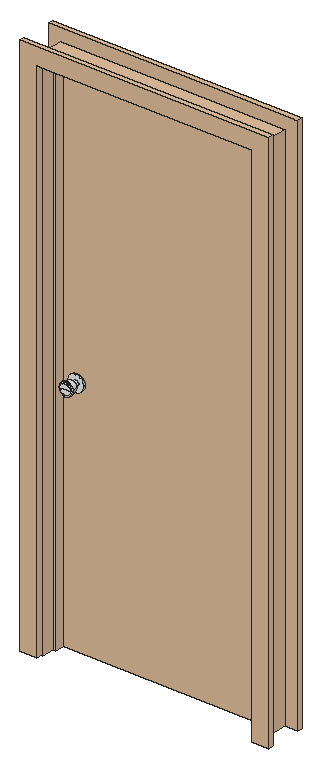
Revit family "M_Porta-Interna-Única-Nivelada_Painel-Madeira", category Portas, Revit 2019
Family settings
  Hospedeiro = Parede
  Número OmniClass = 23.30.10.00
  Título OmniClass = Doors
  Sempre na vertical = Sim
  Corte com vazios quando carregada = Não
  Compartilhado = Não
  Ponto de cálculo do ambiente = Não
Parameters
  Visual Light Transmittance = 0
  Material da apara = Cerejeira
  Espessura = 35 mm
  Resistência térmica (R) = 0.455703 (m²·K)/W
  Ângulo de abertura [instance] = 90.00°
  Solar Heat Gain Coefficient = 0
  Rough Width = Width + 50 mm  # 850 mm
  Altura bruta = Altura + 25 mm  # 2025 mm
  Material do painel = Cerejeira
  Altura = 2000 mm
  Fechamento da parede = Por hospedeiro
  Width = 800 mm
  Coeficiente de transferência de calor (U) = 2.19465 W/(m²·K)
  Função = Interior
  Material da moldura = Cerejeira
  Material da maçaneta = Alumín. 1
  Código de montagem = "C1020300"
  Construção analítica = "Madeira"
Reference planes
  plane 1 "Centro (Frente/Trás)": y = 0
  plane 2 "Centro (Esquerda/Direita)": x = 0
  plane 3 "Esquerda": x = -425
  plane 4 "Direita": x = 425
  plane 5 "Superior": z = 2025
  plane 6 "Exterior": y = 53.975
  plane 7 "Interior": y = -60.325
  plane 8 "Painel esquerdo da porta": x = -400
  plane 9 "Painel direito da porta": x = 400
  plane 10 "Topo do painel": z = 2000
  plane 11: z = 0
  plane 12: z = 0
  plane 13: x = 418.65
  plane 14: y = 18.975
  plane 15: y = -15.95
  plane 16: x = 387.3
  plane 17: y = 18.975
  plane 18: z = 1014.413
  plane 19: y = 30.642
  plane 20: y = 42.308
  plane 21: z = 914.4
Forms (mm)
  Sweep 1, solid, material "Cerejeira" <- "Material da moldura"
    path origin (0, 0, 0) x (1, 0, 0) y (0, 0, 1)
      loop
        line (425, 0) -> (425, 2025) -> (-425, 2025) -> (-425, 0)
    profile origin (425, 0, 1012.5) x (-1, 0, 0) y (0, -1, 0)
      loop
        line (25, -53.975) -> (25, -18.975) -> (37.7, -18.975) -> (37.7, 15.95) -> (25, 15.95) -> (25, 60.325) -> (0, 60.325) -> (0, -53.975) -> (25, -53.975)
  Extrusion 2, solid, material "Cerejeira" <- "Material do painel"
    sketch origin (0, 0, 0) x (1, 0, 0) y (0, 0, 1)
      loop
        line (400, 2000) -> (-400, 2000) -> (-400, 0) -> (400, 0) -> (400, 2000)
    from -53.975 to -18.975
  Sweep 3, solid, material "Cerejeira" <- "Material da apara", detail levels fine
    path origin (0, 53.975, 0) x (1, 0, 0) y (0, 0, 1)
      loop
        line (400, 0) -> (400, 2000) -> (-400, 2000) -> (-400, 0)
    profile "Perfil de caixa-plano : 20 x 65mm" origin (400, 53.975, 1000) x (-1, 0, 0) y (0, -1, 0)
      loop
        line (-6.35, -20) -> (-6.35, 0) -> (-71.35, 0) -> (-71.35, -20) -> (-6.35, -20)
  Sweep 4, solid, material "Cerejeira" <- "Material da apara", detail levels fine
    path origin (0, -60.325, 0) x (1, 0, 0) y (0, 0, 1)
      loop
        line (400, 0) -> (400, 2000) -> (-400, 2000) -> (-400, 0)
    profile "Perfil de caixa-plano : 20 x 65mm" origin (400, -60.325, 1000) x (-1, 0, 0) y (0, -1, 0)
      loop
        line (-6.35, 20) -> (-71.35, 20) -> (-71.35, 0) -> (-6.35, 0) -> (-6.35, 20)
Lines and regions (mm)
  Opening 1
    outline origin (-2286, -60.325, 0) x (1, 0, 0) y (0, 0, 1)
      loop
        line (1861, 0) -> (2711, 0) -> (2711, 2025) -> (1861, 2025) -> (1861, 0)
  Masking region 1, detail levels coarse+medium
    outline origin (0, 0, 0) x (1, 0, 0) y (0, 1, 0)
      loop
        line (-425, 53.975) -> (-425, -60.325) -> (-400, -60.325) -> (-400, 53.975) -> (-425, 53.975)
      loop
        line (425, 53.975) -> (400, 53.975) -> (400, -60.325) -> (425, -60.325) -> (425, 53.975)
  Masking region 2, detail levels fine
    outline origin (-25.4, 0, 0) x (1, 0, 0) y (0, 1, 0)
      loop
        line (-399.6, 53.975) -> (-399.6, -60.325) -> (-374.6, -60.325) -> (-374.6, -15.95) -> (-361.9, -15.95) -> (-361.9, 18.975) -> (-374.6, 18.975) -> (-374.6, 53.975) -> (-399.6, 53.975)
      loop
        line (450.4, 53.975) -> (425.4, 53.975) -> (425.4, 18.975) -> (412.7, 18.975) -> (412.7, -15.95) -> (425.4, -15.95) -> (425.4, -60.325) -> (450.4, -60.325) -> (450.4, 53.975)
  Masking region 3, detail levels fine
    outline origin (0, 0, 0) x (1, 0, 0) y (0, 1, 0)
      loop
        line (-471.35, 73.975) -> (-471.35, 53.975) -> (-406.35, 53.975) -> (-406.35, 73.975) -> (-471.35, 73.975)
      loop
        line (-471.35, -60.325) -> (-471.35, -80.325) -> (-406.35, -80.325) -> (-406.35, -60.325) -> (-471.35, -60.325)
      loop
        line (406.35, 73.975) -> (406.35, 53.975) -> (471.35, 53.975) -> (471.35, 73.975) -> (406.35, 73.975)
      loop
        line (406.35, -60.325) -> (406.35, -80.325) -> (471.35, -80.325) -> (471.35, -60.325) -> (406.35, -60.325)
  Masking region 4
    outline origin (0, 0, 0) x (0, 1, 0) y (0, 0, 1)
      loop
        line (53.975, 2025) -> (-60.325, 2025) -> (-60.325, 2018.65) -> (53.975, 2018.65) -> (53.975, 2025)
  symbolic lines, style "Giro da elevação"
    curve 1: line (-400, 53.975, 2000) -> (400, 53.975, 1000)
    curve 2: line (400, 53.975, 1000) -> (-400, 53.975, 0)
Text (mm)
  text "Exterior" at (-1904.17, 693.701, 0), in view "Nível de referência"
  text "Interior" at (-1904.17, -638.649, 0), in view "Nível de referência"
  text "Exterior" at (0, 1019.848, 3124.603), in view "Direita"
  text "Interior" at (0, -1635.541, 3124.603), in view "Direita"
  text "Interior" at (0, -787.806, 3124.376), in view "Esquerda"
  text "Exterior" at (0, 1386.095, 3124.376), in view "Esquerda"
Dimensions and locks
  equal spacing: plane 3 "Esquerda", plane 2 "Centro (Esquerda/Direita)", plane 4 "Direita"
  "Altura bruta": level to plane 5 "Superior"
  equal spacing: plane 8 "Painel esquerdo da porta", plane 2 "Centro (Esquerda/Direita)", plane 9 "Painel direito da porta"
  "Width": plane 8 "Painel esquerdo da porta" to plane 9 "Painel direito da porta"
  "Altura": level to plane 10 "Topo do painel"
  plane 11 to plane 12 = 0 mm
  locked: plane 13 to plane 4 "Direita" at 6.35
  "Espessura": plane 14 to plane 6 "Exterior"
  locked: plane 14 to plane 15 at 34.925
  locked: plane 16 to plane 9 "Painel direito da porta" at 12.7
  "Espessura": plane 6 "Exterior" to plane 17
  "Rough Width": plane 3 "Esquerda" to plane 4 "Direita"
  equal spacing: plane 17, plane 19, plane 20, plane 6 "Exterior"
  locked: plane 12 to plane 21 at 914.4
  equal spacing: plane 12, curve 2, plane 10 "Topo do painel"
  locked: Masking region 4 sketch curve to plane 5 "Superior" at 6.35
  aligned and locked: plane 3 "Esquerda" to Opening 1 sketch curve
  aligned and locked: plane 5 "Superior" to Opening 1 sketch curve  (x2)
  aligned and locked: Opening 1 sketch curve to plane 4 "Direita"
  aligned and locked: Opening 1 sketch curve to level
  aligned and locked: plane 6 "Exterior" to host wall
  aligned and locked: plane 7 "Interior" to host wall
  aligned and locked: plane 5 "Superior" to Sweep 1 sketch curve
  aligned and locked: plane 4 "Direita" to Sweep 1 sketch curve  (x2)
  aligned and locked: Sweep 1 sketch curve to plane 3 "Esquerda"
  aligned and locked: plane 11 to level
  aligned and locked: plane 11 to Sweep 1 sketch curve  (x2)
  aligned and locked: Sweep 1 sketch curve to plane 9 "Painel direito da porta"
  aligned and locked: Sweep 1 sketch curve to host wall
  aligned and locked: Sweep 1 sketch curve to plane 7 "Interior"
  aligned and locked: Sweep 1 sketch curve to plane 15
  aligned and locked: Sweep 1 sketch curve to plane 16
  aligned and locked: plane 14 to Sweep 1 sketch curve
  aligned and locked: Extrusion 2 sketch curve to plane 10 "Topo do painel"
  aligned and locked: Extrusion 2 sketch curve to plane 8 "Painel esquerdo da porta"
  aligned and locked: plane 9 "Painel direito da porta" to Extrusion 2 sketch curve
  aligned and locked: Extrusion 2 sketch curve to plane 12
  aligned and locked: Extrusion 2 to plane 17
  aligned and locked: Extrusion 2 to plane 6 "Exterior"
  aligned and locked: nested 1 to plane 9 "Painel direito da porta"
  aligned and locked: plane 6 "Exterior" to nested 1
  aligned and locked: nested 2 to plane 8 "Painel esquerdo da porta"
  aligned and locked: plane 6 "Exterior" to nested 2
  aligned and locked: plane 8 "Painel esquerdo da porta" to nested 3
  aligned and locked: nested 3 to plane 17
  aligned and locked: plane 9 "Painel direito da porta" to Sweep 3 sketch curve
  aligned and locked: Sweep 3 sketch curve to plane 8 "Painel esquerdo da porta"
  aligned and locked: Sweep 3 sketch curve to plane 10 "Topo do painel"
  aligned and locked: Sweep 4 sketch curve to plane 9 "Painel direito da porta"
  aligned and locked: plane 10 "Topo do painel" to Sweep 4 sketch curve
  aligned and locked: plane 8 "Painel esquerdo da porta" to Sweep 4 sketch curve
  aligned and locked: Masking region 1 sketch curve to plane 3 "Esquerda"
  aligned and locked: plane 8 "Painel esquerdo da porta" to Masking region 1 sketch curve
  aligned and locked: Masking region 1 sketch curve to plane 7 "Interior"
  aligned and locked: plane 6 "Exterior" to Masking region 1 sketch curve
  aligned and locked: plane 9 "Painel direito da porta" to Masking region 1 sketch curve
  aligned and locked: Masking region 1 sketch curve to plane 4 "Direita"
  aligned and locked: plane 7 "Interior" to Masking region 1 sketch curve
  aligned and locked: Masking region 1 sketch curve to plane 6 "Exterior"
  aligned and locked: plane 11 to Sweep 3 sketch curve  (x2)
  aligned and locked: plane 11 to Sweep 4 sketch curve  (x2)
  aligned and locked: plane 8 "Painel esquerdo da porta" to Masking region 2 sketch curve
  aligned and locked: Masking region 2 sketch curve to plane 3 "Esquerda"
  aligned and locked: Masking region 2 sketch curve to plane 7 "Interior"
  aligned and locked: plane 6 "Exterior" to Masking region 2 sketch curve
  aligned and locked: Masking region 2 sketch curve to nested 2  (x2)
  aligned and locked: Masking region 2 sketch curve to Sweep 1  (x3)
  aligned and locked: Masking region 3 sketch curve to Sweep 3  (x6)
  aligned and locked: Masking region 3 sketch curve to plane 6 "Exterior"  (x2)
  aligned and locked: plane 7 "Interior" to Masking region 3 sketch curve  (x2)
  aligned and locked: Masking region 3 sketch curve to Sweep 4  (x6)
  aligned and locked: Masking region 2 sketch curve to plane 4 "Direita"
  aligned and locked: plane 9 "Painel direito da porta" to Masking region 2 sketch curve  (x3)
  aligned and locked: plane 17 to Masking region 2 sketch curve
  aligned and locked: Sweep 1 to Masking region 2 sketch curve
  aligned and locked: plane 5 "Superior" to Masking region 4 sketch curve
  aligned and locked: plane 6 "Exterior" to Masking region 4 sketch curve
  aligned and locked: Masking region 4 sketch curve to plane 7 "Interior"
Automatic sketch dimensions
  plane 16 to Sweep 1 sketch curve = 12.7 mm
  curve 2 to level = 0 mm
  curve 2 to plane 8 "Painel esquerdo da porta" = 0 mm
  curve 1 to plane 8 "Painel esquerdo da porta" = 0 mm
  curve 2 to plane 9 "Painel direito da porta" = 0 mm
  curve 1 to plane 10 "Topo do painel" = 0 mm
  Masking region 2 sketch curve to host wall = 0 mm  (x2)
  Masking region 2 sketch curve to plane 17 = 0 mm
Nested families
  nested 1: "Porta com abertura única" at (400, 53.975, 0), Ângulo de abertura <- "Ângulo de abertura", type "Único"
    with Abertura visível yes, Ângulo de abertura 90.00°, Ângulo real 90.00°, Width 800 mm, Espessura 35 mm
  nested 2: "M_Maçaneta residencial" at (-400, 53.975, 914.4), type "Padrão", detail levels fine
  nested 3: "M_Maçaneta residencial" at (-400, 18.975, 914.4), type "Padrão", detail levels fine
Definition of nested family "M_Maçaneta residencial"
  Parameters (values of type "Padrão")
    Manufacturer = ""
    Material = none
    Handle Z Distance = 0 mm
    Handle X Distance = 65 mm
    Analytic Construction = "<Nenhum>"
  Reference planes
    plane 1 "Centro (Frente/Trás)": y = 0
    plane 2: z = 0
    plane 3 "Centro (Esquerda/Direita)": x = 0
    plane 4: z = 0
    plane 5: x = 65
  Forms (mm)
    Extrusion 1, solid, material <- "Material"
      sketch origin (0, 0, 0) x (1, 0, 0) y (0, 0, 1)
        loop
          circle (65, 0) r 30
      from 0 to -6
    Revolve 2, solid, material <- "Material"
      sketch origin (0, 0, 0) x (0, -1, 0) y (1, 0, 0)
        loop
          line (-25, 55) -> (-6, 55) -> (-6, 65) -> (-55, 65) -> (-55, 44.524) -> (-53.172, 40) -> (-49.708, 40) -> (-25, 46.364) -> (-25, 55)
        axis (-6, 65) -> (-55, 65)
      angle from 0 to 360
  Dimensions and locks
    "Handle Z Distance": plane 4 to level
    "Handle X Distance": plane 5 to plane 3 "Centro (Esquerda/Direita)"
  Automatic sketch dimensions
    Extrusion 1 sketch curve to plane 4 = 0 mm
    Extrusion 1 sketch curve to plane 5 = 0 mm
    Revolve 2 sketch curve to plane 5 = 0 mm  (x2)
    Revolve 2 sketch curve to plane 1 "Centro (Frente/Trás)" = 66 mm
    Revolve 2 sketch curve to Revolve 2 sketch curve = 11 mm
    Revolve 2 sketch curve to Revolve 2 sketch curve = 1.828 mm
    Revolve 2 sketch curve to Revolve 2 sketch curve = 3.464 mm
    Revolve 2 sketch curve to plane 1 "Centro (Frente/Trás)" = 25 mm
    Revolve 2 sketch curve to plane 1 "Centro (Frente/Trás)" = 6 mm
    Revolve 2 sketch curve to Revolve 2 sketch curve = 0 mm
    Revolve 2 sketch curve to Revolve 2 sketch curve = 10 mm
    Revolve 2 sketch curve to Revolve 2 sketch curve = 8.636 mm
    Revolve 2 sketch curve to Revolve 2 sketch curve = 20.476 mm
    Revolve 2 sketch curve to Revolve 2 sketch curve = 4.524 mm
    radius of Extrusion 1 sketch curve = 30 mm
Definition of nested family "Porta com abertura única"
  Parameters (values of type "Único")
    Width = 900 mm
    Thickness = 45 mm
    Abertura visível [instance] = Ângulo de abertura > 1.00°  # yes
    Ângulo de abertura [instance] = 45.00°
    Assembly Code = ""
    Analytic Construction = "<Nenhum>"
    Ângulo real [instance] = if(Ângulo de abertura < 1.00°, 1.00°, Ângulo de abertura)  # 45.00°
  Reference planes
    plane 1 "Centro (Frente/Trás)": y = 0
    plane 2: z = 0
    plane 3 "Centro (Esquerda/Direita)": x = 0
    plane 4: x = -900
  Lines and regions (mm)
    Masking region 1
      outline origin (0, 0, 0) x (-0.707107, 0.707107, 0) y (-0.707107, -0.707107, 0)
        loop
          line (0, 0) -> (900, 0) -> (900, 45) -> (0, 45) -> (0, 0)
    symbolic lines
      curve 1: line (0, 0, 0) -> (-900, 0, 0)
    symbolic lines, visible <- "Abertura visível"
      curve 2: arc (-900, 0, 0) -> (-831.492, 344.415, 0) -> (-636.396, 636.396, 0) r 900
    reference lines
      curve 3: line (0, 0, 0) -> (-636.396, 636.396, 0)
    model lines
      curve 4: line (0, 0, 0) -> (0, 0, 25.4)
  Dimensions and locks
    "Width": plane 4 to plane 3 "Centro (Esquerda/Direita)"
    locked: curve 2 to plane 3 "Centro (Esquerda/Direita)"
    locked: curve 2 to plane 1 "Centro (Frente/Trás)"
    "Width": curve 3 to curve 3
    "Thickness": Masking region 1 sketch curve to Masking region 1 sketch curve
    locked: curve 4 to plane 2 at 25.4
    "Width": radius of curve 2
    "Ângulo real": angle curve 2 to curve 2
    "Ângulo de abertura": angle curve 3 to plane 1 "Centro (Frente/Trás)"
    aligned and locked: curve 1 to plane 1 "Centro (Frente/Trás)"
    aligned and locked: plane 3 "Centro (Esquerda/Direita)" to curve 1
    aligned and locked: plane 3 "Centro (Esquerda/Direita)" to curve 3
    aligned and locked: plane 1 "Centro (Frente/Trás)" to curve 3
    aligned and locked: curve 3 to Masking region 1 sketch curve
    aligned and locked: Masking region 1 sketch curve to curve 3  (x2)
    aligned and locked: plane 3 "Centro (Esquerda/Direita)" to curve 4
    aligned and locked: plane 2 to curve 4
Types in the file's own list only (39): name | Transmissão de luz visual | Resistência térmica (R) | Coeficiente de ganho de calor solar | Largura bruta | Altura bruta | Altura | Largura | Coeficiente de transferência de calor (U)
  300 x 2000mm | 0 | 0.4557 (m²·K)/W | 0 | 350 mm | 2025 mm | 2000 mm | 300 mm | 2.1946 W/(m²·K)
  350 x 2000mm | 0 | 0.4557 (m²·K)/W | 0 | 400 mm | 2025 mm | 2000 mm | 350 mm | 2.1946 W/(m²·K)
  400 x 2000mm | 0 | 0.4557 (m²·K)/W | 0 | 450 mm | 2025 mm | 2000 mm | 400 mm | 2.1946 W/(m²·K)
  450 x 2000mm | 0 | 0.4557 (m²·K)/W | 0 | 500 mm | 2025 mm | 2000 mm | 450 mm | 2.1946 W/(m²·K)
  500 x 2000mm | 0 | 0.4557 (m²·K)/W | 0 | 550 mm | 2025 mm | 2000 mm | 500 mm | 2.1946 W/(m²·K)
  550 x 2000mm | 0 | 0.4557 (m²·K)/W | 0 | 600 mm | 2025 mm | 2000 mm | 550 mm | 2.1946 W/(m²·K)
  600 x 2000mm | 0 | 0.4557 (m²·K)/W | 0 | 650 mm | 2025 mm | 2000 mm | 600 mm | 2.1946 W/(m²·K)
  650 x 2000mm | 0 | 0.4557 (m²·K)/W | 0 | 700 mm | 2025 mm | 2000 mm | 650 mm | 2.1946 W/(m²·K)
  700 x 2000mm | 0 | 0.4557 (m²·K)/W | 0 | 750 mm | 2025 mm | 2000 mm | 700 mm | 2.1946 W/(m²·K)
  750 x 2000mm | 0 | 0.4557 (m²·K)/W | 0 | 800 mm | 2025 mm | 2000 mm | 750 mm | 2.1946 W/(m²·K)
  800 x 2000mm | 0 | 0.4557 (m²·K)/W | 0 | 850 mm | 2025 mm | 2000 mm | 800 mm | 2.1946 W/(m²·K)
  850 x 2000mm | 0 | 0.4557 (m²·K)/W | 0 | 900 mm | 2025 mm | 2000 mm | 850 mm | 2.1946 W/(m²·K)
  900 x 2000mm | 0 | 0.4557 (m²·K)/W | 0 | 950 mm | 2025 mm | 2000 mm | 900 mm | 2.1946 W/(m²·K)
  300 x 2100mm | 0 | 0.4557 (m²·K)/W | 0 | 350 mm | 2125 mm | 2100 mm | 300 mm | 2.1946 W/(m²·K)
  350 x 2100mm | 0 | 0.4557 (m²·K)/W | 0 | 400 mm | 2125 mm | 2100 mm | 350 mm | 2.1946 W/(m²·K)
  400 x 2100mm | 0 | 0.4557 (m²·K)/W | 0 | 450 mm | 2125 mm | 2100 mm | 400 mm | 2.1946 W/(m²·K)
  450 x 2100mm | 0 | 0.4557 (m²·K)/W | 0 | 500 mm | 2125 mm | 2100 mm | 450 mm | 2.1946 W/(m²·K)
  500 x 2100mm | 0 | 0.4557 (m²·K)/W | 0 | 550 mm | 2125 mm | 2100 mm | 500 mm | 2.1946 W/(m²·K)
  550 x 2100mm | 0 | 0.4557 (m²·K)/W | 0 | 600 mm | 2125 mm | 2100 mm | 550 mm | 2.1946 W/(m²·K)
  600 x 2100mm | 0 | 0.4557 (m²·K)/W | 0 | 650 mm | 2125 mm | 2100 mm | 600 mm | 2.1946 W/(m²·K)
  650 x 2100mm | 0 | 0.4557 (m²·K)/W | 0 | 700 mm | 2125 mm | 2100 mm | 650 mm | 2.1946 W/(m²·K)
  700 x 2100mm | 0 | 0.4557 (m²·K)/W | 0 | 750 mm | 2125 mm | 2100 mm | 700 mm | 2.1946 W/(m²·K)
  750 x 2100mm | 0 | 0.4557 (m²·K)/W | 0 | 800 mm | 2125 mm | 2100 mm | 750 mm | 2.1946 W/(m²·K)
  800 x 2100mm | 0 | 0.4557 (m²·K)/W | 0 | 850 mm | 2125 mm | 2100 mm | 800 mm | 2.1946 W/(m²·K)
  850 x 2100mm | 0 | 0.4557 (m²·K)/W | 0 | 900 mm | 2125 mm | 2100 mm | 850 mm | 2.1946 W/(m²·K)
  900 x 2100mm | 0 | 0.4557 (m²·K)/W | 0 | 950 mm | 2125 mm | 2100 mm | 900 mm | 2.1946 W/(m²·K)
  300 x 2400mm | 0 | 0.4557 (m²·K)/W | 0 | 350 mm | 2425 mm | 2400 mm | 300 mm | 2.1946 W/(m²·K)
  350 x 2400mm | 0 | 0.4557 (m²·K)/W | 0 | 400 mm | 2425 mm | 2400 mm | 350 mm | 2.1946 W/(m²·K)
  400 x 2400mm | 0 | 0.4557 (m²·K)/W | 0 | 450 mm | 2425 mm | 2400 mm | 400 mm | 2.1946 W/(m²·K)
  450 x 2400mm | 0 | 0.4557 (m²·K)/W | 0 | 500 mm | 2425 mm | 2400 mm | 450 mm | 2.1946 W/(m²·K)
  500 x 2400mm | 0 | 0.4557 (m²·K)/W | 0 | 550 mm | 2425 mm | 2400 mm | 500 mm | 2.1946 W/(m²·K)
  550 x 2400mm | 0 | 0.4557 (m²·K)/W | 0 | 600 mm | 2425 mm | 2400 mm | 550 mm | 2.1946 W/(m²·K)
  600 x 2400mm | 0 | 0.4557 (m²·K)/W | 0 | 650 mm | 2425 mm | 2400 mm | 600 mm | 2.1946 W/(m²·K)
  650 x 2400mm | 0 | 0.4557 (m²·K)/W | 0 | 700 mm | 2425 mm | 2400 mm | 650 mm | 2.1946 W/(m²·K)
  700 x 2400mm | 0 | 0.4557 (m²·K)/W | 0 | 750 mm | 2425 mm | 2400 mm | 700 mm | 2.1946 W/(m²·K)
  750 x 2400mm | 0 | 0.4557 (m²·K)/W | 0 | 800 mm | 2425 mm | 2400 mm | 750 mm | 2.1946 W/(m²·K)
  800 x 2400mm | 0 | 0.4557 (m²·K)/W | 0 | 850 mm | 2425 mm | 2400 mm | 800 mm | 2.1946 W/(m²·K)
  850 x 2400mm | 0 | 0.4557 (m²·K)/W | 0 | 900 mm | 2425 mm | 2400 mm | 850 mm | 2.1946 W/(m²·K)
  900 x 2400mm | 0 | 0.4557 (m²·K)/W | 0 | 950 mm | 2425 mm | 2400 mm | 900 mm | 2.1946 W/(m²·K)
